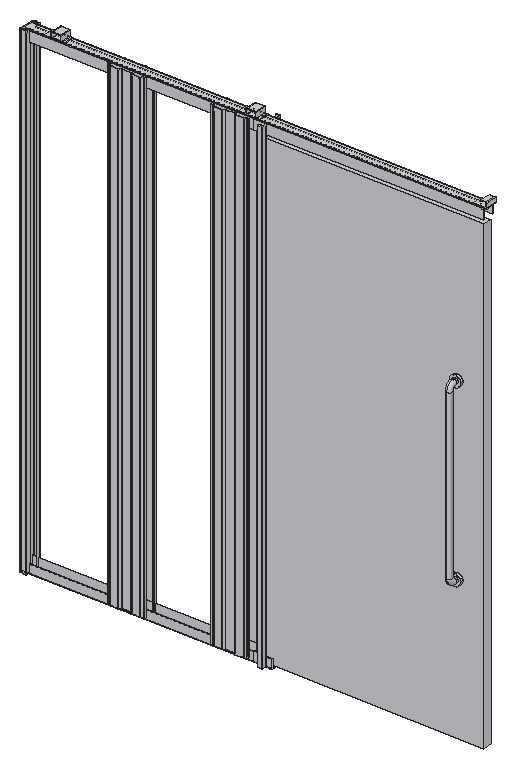
Revit family "BOS-LineaSet_Familie", category Türen, Revit 2017 (continued)
Definition of nested family "BOS-Laufkasten-LineaSet-(One)_Modell"
  Definition of nested family "BOS-Anschraubprofil-LineaSet-(One)_Modell"
    Dimensions and locks
      plane 4 to plane 2 = 28 mm
      "Blechstärke": plane 7 to plane 2
      aligned and locked: level to plane 2
      aligned and locked: plane 3 to Sweep 1 sketch curve
      aligned and locked: plane 6 to Sweep 1 sketch curve
      aligned and locked: plane 1 to Sweep 1 sketch curve
      aligned and locked: plane 3 to Sweep 2 sketch curve
      aligned and locked: plane 7 to Sweep 2 sketch curve
      aligned and locked: plane 4 to Sweep 2 sketch curve
    Automatic sketch dimensions
      Sweep 1 sketch curve to Sweep 1 sketch curve = 0 mm  (x8)
      Sweep 1 sketch curve to level = 0 mm
      Sweep 1 sketch curve to level = 33 mm
      profile plane to Sweep 1 sketch curve = 45.25 mm
      Sweep 1 sketch curve to Sweep 1 sketch curve = 15.75 mm  (x2)
      Sweep 1 sketch curve to Sweep 1 sketch curve = 1 mm  (x2)
      Sweep 1 sketch curve to level = 1 mm
      Sweep 1 sketch curve to Sweep 1 sketch curve = 1.5 mm
      Sweep 1 sketch curve to profile plane = 26 mm
      Sweep 1 sketch curve to profile plane = 27 mm
      Sweep 1 sketch curve to Sweep 1 sketch curve = 33.5 mm
      Sweep 2 sketch curve to Sweep 2 sketch curve = 0 mm  (x9)
      plane 1 to Sweep 2 sketch curve = 0.5 mm  (x2)
      profile plane to Sweep 2 sketch curve = 37.5 mm  (x2)
      Sweep 2 sketch curve to Sweep 2 sketch curve = 1.5 mm  (x2)
      Sweep 2 sketch curve to Sweep 2 sketch curve = 1 mm  (x3)
      Sweep 2 sketch curve to profile plane = 35 mm  (x2)
      Sweep 2 sketch curve to plane 1 = 27 mm  (x2)
      Sweep 2 sketch curve to Sweep 2 sketch curve = 49 mm  (x2)
      Sweep 2 sketch curve to Sweep 2 sketch curve = 27.5 mm
Definition of nested family "BOS-Führungszapfen-Holz-Glas_Model"
  Parameters (values of type "BOS-Führungszapfen-Holz-Glas_Model")
    Länge = 33 mm
    URL = "www.BestOfSteel.de"
    Rechtliche Hinweise = "www.BestOfSteel.de/tools-downloads/bim-building-information-modeling/"
    Material - Führungszapfen = none
    Holztürblatt = yes
    Manufacturer = "BOS GmbH Best Of Steel, Lütkenfelde 4, D-48282 Emsdetten"
    Glastürblatt = no
    Breite für Holztürblatt = 22 mm
    Breite für Glastürblatt = 21.5 mm
    Description = "Führungszapfen für Holz- oder Glastürblatt"
    Keynote = "BOS Modell"
    BOS-Architekten-Beratung = "Tel.: +49 (0) 2572 203-203, Fax -209; E-Mail: architekten@BestOfSteel.de"
    Technische Infos rund um die Stahlzargen = "www.BestOfSteel.de/tools-downloads/technische-infos-rund-um-die-stahlzarge/"
  Reference planes
    plane 1: y = -116.677
    plane 2: z = 0
    plane 3: x = 500.166
    plane 4: y = -127.677
    plane 5: x = 483.666
    plane 6: x = 516.666
    plane 7: y = -105.677
    plane 8: y = -127.427
    plane 9: y = -105.927
  Forms (mm)
    Extrusion 1, solid, material <- "Material - Führungszapfen", visible <- "Holztürblatt"
      sketch origin (500.166, -5.294, -2.968) x (0, 1, 0) y (0, 0, 1)
        loop
          line (-122.383, 2.968) -> (-100.383, 2.968) -> (-100.383, 7.668) -> (-108.633, 8.438) -> (-108.883, 21.968) -> (-113.883, 21.968) -> (-114.133, 8.438) -> (-122.383, 7.618) -> (-122.383, 2.968)
      from -16.5 to 16.5
    Extrusion 2, solid, material <- "Material - Führungszapfen", visible <- "Glastürblatt"
      sketch origin (500.166, -47.893, -6.394) x (0, 1, 0) y (0, 0, 1)
        loop
          line (-60.784, 10.894) -> (-62.284, 22.894) -> (-64.284, 22.894) -> (-64.284, 18.394) -> (-62.784, 18.394) -> (-62.284, 10.894) -> (-75.284, 10.894) -> (-74.784, 18.394) -> (-73.284, 18.394) -> (-73.284, 22.894) -> (-75.284, 22.894) -> (-76.784, 10.894) -> (-79.534, 10.894) -> (-79.534, 6.394) -> (-58.034, 6.394) -> (-58.034, 10.894) -> (-60.784, 10.894)
      from -16.5 to 16.5
  Dimensions and locks
    Extrusion 1 sketch curve to Extrusion 1 sketch curve = 5.5 mm
    Extrusion 1 sketch curve to Extrusion 1 sketch curve = 8.25 mm  (x2)
    "Länge": plane 5 to plane 6
    equal spacing: plane 5, plane 3, plane 6
    equal spacing: plane 7, plane 1, plane 4
    "Breite für Holztürblatt": plane 7 to plane 4
    "Breite für Glastürblatt": plane 9 to plane 8
    equal spacing: plane 9, plane 1, plane 8
    Extrusion 2 sketch curve to Extrusion 2 sketch curve = 6.25 mm  (x2)
    aligned and locked: level to plane 2
    aligned and locked: Extrusion 1 to plane 4
    aligned and locked: Extrusion 2 to plane 5
    aligned and locked: plane 6 to Extrusion 2
    aligned and locked: plane 9 to Extrusion 2 sketch curve
    aligned and locked: Extrusion 2 sketch curve to plane 2
    aligned and locked: Extrusion 2 sketch curve to plane 8
  Automatic sketch dimensions
    level to Extrusion 1 sketch curve = 0 mm
    level to Extrusion 1 sketch curve = 4.65 mm
    plane 1 to Extrusion 1 sketch curve = 11 mm
    level to Extrusion 1 sketch curve = 5.47 mm  (x2)
    Extrusion 1 sketch curve to Extrusion 1 sketch curve = 0.25 mm
    Extrusion 1 sketch curve to Extrusion 1 sketch curve = 5 mm
    level to Extrusion 1 sketch curve = 4.7 mm
    Extrusion 1 sketch curve to Extrusion 1 sketch curve = 13.53 mm
    level to Extrusion 2 sketch curve = 4.5 mm  (x2)
    Extrusion 2 sketch curve to Extrusion 2 sketch curve = 2.75 mm
    Extrusion 2 sketch curve to Extrusion 2 sketch curve = 2 mm  (x2)
    Extrusion 2 sketch curve to Extrusion 2 sketch curve = 1.5 mm  (x4)
    level to Extrusion 2 sketch curve = 12 mm
    Extrusion 2 sketch curve to Extrusion 2 sketch curve = 0 mm
    Extrusion 2 sketch curve to Extrusion 2 sketch curve = 7.5 mm
    Extrusion 2 sketch curve to Extrusion 2 sketch curve = 4.5 mm  (x2)
    Extrusion 2 sketch curve to Extrusion 2 sketch curve = 0.5 mm
Definition of nested family "BOS-Türblatt-Schiebetürzargen_Modell"
  Parameters (values of type "BOS-Türblatt-Schiebetürzargen_Modell")
    URL = "www.BestOfSteel.de"
    Türblattreferenz = 945 mm
    Technische Infos rund um die Stahlzarge = "www.BestOfSteel.de/tools-downloads/technische-infos-rund-um-die-stahlzarge/"
    Stoßgrifflänge = 800 mm
    Türgriffabstand = 120 mm
    Stoßgriffdurchmesser = 24 mm
    Muschelgriffüberstand = if(Holztürblatt, 1.5 mm, 9 mm)  # 1.5 mm
    Muschelgrifftiefe = if(Holztürblatt, 10 mm, Türblattstärke / 2)  # 10 mm
    Griffposition = if(DIN links, Türgriffabstand, TAB Türblatt Außenmaß Breite - Türgriffabstand)  # 865 mm
    Führungsnuttiefe = if(Holztürblatt, 18 mm, 0 mm)  # 18 mm
    Stoßgriffe = yes
    Türblattversatz = 0 mm
    Türblattstärke = 40 mm
    Türblattabstand unten = 10 mm
    TAH Türblatt Außenmaß Höhe = 2110 mm
    TAB Türblatt Außenmaß Breite = 985 mm
    Muschelgriffe = no
    Rechtliche Hinweise = "www.BestOfSteel.de/tools-downloads/bim-building-information-modeling/"
    Model = ""
    Material - Türgriff = none
    Material - Türblatt = none
    Holztürblatt = yes
    Manufacturer = ""
    Glastürblatt = no
    Führungsnutbreite = 8 mm
    Fräsextrusionsende = if(not(Muschelgriffe), 0 mm, if(Holztürblatt, -10 mm, -Türblattstärke / 2))  # 0 mm
    Fräsextrusionsbeginn = if(not(Muschelgriffe), 1 mm, 0 mm)  # 1 mm
    Drückerhöhe = 1050 mm
    DIN rechts = yes
    DIN links = no
    Description = "Holz- Glastürblatt für Schiebetürzargen"
    Keynote = "BOS Modell"
    BOS-Architekten-Beratung = "Tel.: +49 (0) 2572 203-203, Fax -209; E-Mail: architekten@BestOfSteel.de"
  Reference planes
    plane 1: y = 109
    plane 2: z = 0
    plane 3: x = 31
    plane 4: x = 1016
    plane 5: y = 129
    plane 6: y = 89
    plane 7: z = 10
    plane 8: z = 2120
    plane 9: z = 28
    plane 10: y = 109
    plane 11: y = 109
    plane 12: y = 113
    plane 13: y = 105
    plane 14: z = 1050
    plane 15: x = 896
    plane 16: x = 71
  Forms (mm)
    Extrusion 1, solid, material <- "Material - Türblatt", detail levels medium+fine
      sketch origin (0, 0, 0) x (1, 0, 0) y (0, 1, 0)
        loop
          line (31, 129) -> (31, 89) -> (1016, 89) -> (1016, 129) -> (31, 129)
      from 10 to 2120
    Extrusion 2, void
      sketch origin (31, -12.856, 0) x (0, 1, 0) y (0, 0, 1)
        loop
          line (125.856, 28) -> (117.856, 28) -> (117.856, 0) -> (125.856, 0) -> (125.856, 28)
      from 0 to 985
    Extrusion 3, void
      sketch origin (1569.406, 89, 1200) x (1, 0, 0) y (0, 0, 1)
        loop
          arc (-689.406, -184) -> (-673.406, -200) -> (-657.406, -184) r 16
          line (-657.406, -184) -> (-657.406, -116)
          arc (-657.406, -116) -> (-673.406, -100) -> (-689.406, -116) r 16
          line (-689.406, -116) -> (-689.406, -184)
      from 1 <- "Fräsextrusionsbeginn" to 0 <- "Fräsextrusionsende"
    Extrusion 4, void
      sketch origin (-112.482, 129, 1200) x (-1, 0, 0) y (0, 0, 1)
        loop
          line (-992.482, -184) -> (-992.482, -116)
          arc (-992.482, -116) -> (-1008.482, -100) -> (-1024.482, -116) r 16
          line (-1024.482, -116) -> (-1024.482, -184)
          arc (-1024.482, -184) -> (-1008.482, -200) -> (-992.482, -184) r 16
      from 1 <- "Fräsextrusionsbeginn" to 0 <- "Fräsextrusionsende"
  Cuts and joins
    Extrusion 2, Extrusion 3, Extrusion 4 cuts Extrusion 1
  Dimensions and locks
    "Türblattstärke": plane 5 to plane 6
    "Türblattversatz": plane 10 to plane 1 to plane 11
    "Türblattabstand unten": plane 7 to plane 2
    "TAB Türblatt Außenmaß Breite": plane 3 to plane 4
    "TAH Türblatt Außenmaß Höhe": plane 8 to plane 7
    equal spacing: plane 5, plane 1, plane 6
    "Drückerhöhe": plane 14 to plane 2
    "Griffposition": plane 3 to plane 15
    "Führungsnuttiefe": plane 9 to plane 7
    "Türblattreferenz": plane 16 to plane 4
    aligned and locked: level to plane 2
    aligned and locked: Extrusion 1 sketch curve to plane 4
    aligned and locked: Extrusion 1 sketch curve to plane 5
    aligned and locked: Extrusion 1 sketch curve to plane 6
    aligned and locked: plane 3 to Extrusion 1 sketch curve
    aligned and locked: Extrusion 1 to plane 7
    aligned and locked: Extrusion 1 to plane 8
    aligned and locked: plane 12 to Extrusion 2 sketch curve
    aligned and locked: plane 13 to Extrusion 2 sketch curve
    aligned and locked: Extrusion 2 sketch curve to plane 9
    aligned and locked: plane 2 to Extrusion 2 sketch curve
    aligned and locked: Extrusion 2 to plane 3
    aligned and locked: plane 4 to Extrusion 2
    aligned and locked: nested 1 to plane 14
    aligned and locked: plane 14 to nested 2
    aligned and locked: nested 1 to plane 15
    aligned and locked: plane 15 to nested 2
    aligned and locked: plane 6 to nested 2
    aligned and locked: plane 5 to nested 1
    aligned and locked: Extrusion 3 sketch curve to nested 1  (x2)
    aligned and locked: Extrusion 4 sketch curve to cut or joined group of Extrusion 1, Extrusion 2, Extrusion 3, Extrusion 4  (x2)
    aligned and locked: nested 4 to plane 14
    aligned and locked: plane 14 to nested 3
    aligned and locked: plane 5 to nested 4
    aligned and locked: plane 6 to nested 3
    aligned and locked: nested 4 to plane 15
    aligned and locked: plane 15 to nested 3
  Nested families
    nested 1: "BOS-Muschelgriff_Modell" at (896, 133.91, 1050), visible <- "Muschelgriffe", type "BOS-Muschelgriff_Modell", detail levels fine
    nested 2: "BOS-Muschelgriff_Modell" at (896, 84.09, 1050), visible <- "Muschelgriffe", type "BOS-Muschelgriff_Modell", detail levels fine
    nested 3: "BOS-Stoßgriff_Modell" at (896, 89, 1050), visible <- "Stoßgriffe", type "BOS-Stoßgriff_Modell", detail levels fine
      with Stoßgriffradius 12 mm, Stoßgriffdurchmesser 24 mm
    nested 4: "BOS-Stoßgriff_Modell" at (896, 129, 1050), visible <- "Stoßgriffe", type "BOS-Stoßgriff_Modell", detail levels fine
      with Stoßgriffradius 12 mm, Stoßgriffdurchmesser 24 mm
  Definition of nested family "BOS-Muschelgriff_Modell"
    Parameters (values of type "BOS-Muschelgriff_Modell")
      URL = "www.BestOfSteel.de"
      Rechtliche Hinweise = "www.BestOfSteel.de/tools-downloads/bim-building-information-modeling/"
      Muschelgriffüberstand = 1.5 mm
      Muschelgrifftiefe = 10 mm
      Material - Türgriff = none
      Description = "Muschelgriff"
      Keynote = "BOS Modell"
      BOS-Architekten-Beratung = "Tel.: +49 (0) 2572 203-203, Fax -209; E-Mail: architekten@BestOfSteel.de"
      Allgemeine Informationen zu Stahlzargen = "www.BestOfSteel.de/tools-downloads/technische-infos-rund-um-die-stahlzarge/"
    Reference planes
      plane 1: y = 4.91
      plane 2: z = 0
      plane 3: x = 0
      plane 4: y = 3.41
      plane 5: x = -19
      plane 6: x = 19
      plane 7: y = 12.91
      plane 8: z = 60
      plane 9: z = -60
      plane 10: y = 14.91
    Forms (mm)
      Extrusion 1, solid, material <- "Material - Türgriff"
        sketch origin (0, 4.91, 0) x (1, 0, 0) y (0, 0, 1)
          loop
            line (-19, 41) -> (-19, -41)
            arc (-19, -41) -> (0, -60) -> (19, -41) r 19
            line (19, -41) -> (19, 41)
            arc (19, 41) -> (0, 60) -> (-19, 41) r 19
        from 0 to 1.5
      Extrusion 2, solid, material <- "Material - Türgriff"
        sketch origin (0, 4.91, 0) x (1, 0, 0) y (0, 0, 1)
          loop
            line (-16, 34) -> (-16, -34)
            arc (-16, -34) -> (0, -50) -> (16, -34) r 16
            line (16, -34) -> (16, 34)
            arc (16, 34) -> (0, 50) -> (-16, 34) r 16
        from -10 to 0
      Extrusion 3, void
        sketch origin (0, 4.91, 0) x (1, 0, 0) y (0, 0, 1)
          loop
            line (-13, 34) -> (-13, -34)
            arc (-13, -34) -> (0, -47) -> (13, -34) r 13
            line (13, -34) -> (13, 34)
            arc (13, 34) -> (0, 47) -> (-13, 34) r 13
        from -8 to 1.5
    Cuts and joins
      Extrusion 3 cuts Extrusion 1
      Extrusion 3 cuts Extrusion 2
      joined: Extrusion 1, Extrusion 2
    Dimensions and locks
      equal spacing: plane 5, plane 3, plane 6
      plane 5 to plane 6 = 38 mm
      "Muschelgriffüberstand": plane 4 to plane 1
      plane 10 to plane 7 = 2 mm
      "Muschelgrifftiefe": plane 10 to plane 1
      aligned and locked: plane 7 to cut or joined group of Extrusion 1, Extrusion 2, Extrusion 3
      aligned and locked: cut or joined group of Extrusion 1, Extrusion 2, Extrusion 3 to plane 4
      aligned and locked: plane 4 to cut or joined group of Extrusion 1, Extrusion 2, Extrusion 3  (x2)
      aligned and locked: plane 10 to cut or joined group of Extrusion 1, Extrusion 2, Extrusion 3
    Automatic sketch dimensions
      Extrusion 1 sketch curve to plane 5 = 0 mm
      Extrusion 1 sketch curve to plane 3 = 0 mm
      Extrusion 1 sketch curve to plane 8 = 19 mm
      plane 9 to Extrusion 1 sketch curve = 19 mm
      Extrusion 2 sketch curve to plane 3 = 0 mm
      plane 5 to Extrusion 2 sketch curve = 3 mm
      Extrusion 2 sketch curve to plane 8 = 26 mm
      plane 9 to Extrusion 2 sketch curve = 26 mm
      Extrusion 3 sketch curve to plane 3 = 0 mm
      plane 5 to Extrusion 3 sketch curve = 6 mm
      Extrusion 3 sketch curve to plane 8 = 26 mm
      plane 9 to Extrusion 3 sketch curve = 26 mm
  Definition of nested family "BOS-Stoßgriff_Modell"
    Parameters (values of type "BOS-Stoßgriff_Modell")
      URL = "www.BestOfSteel.de"
      Stoßgrifflänge = 800 mm
      Stoßgriffradius = Stoßgriffdurchmesser / 2  # 9 mm
      Stoßgriffdurchmesser = 18 mm
      Rechtliche Hinweise = "www.BestOfSteel.de/tools-downloads/bim-building-information-modeling/"
      Model = ""
      Material - Türgriff = none
      Description = "Stoßgriff"
      Keynote = "BOS Modell"
      BOS-Architekten-Beratung = "Tel.: +49 (0) 2572 203-203, Fax -209; E-Mail: architekten@BestOfSteel.de"
      Allgemeine Informationen zu Stahlzargen = "www.BestOfSteel.de/tools-downloads/technische-infos-rund-um-die-stahlzarge/"
    Reference planes
      plane 1: y = 0
      plane 2: z = 0
      plane 3: x = 0
      plane 4: z = 400
      plane 5: z = -400
      plane 6: y = -45.5
    Forms (mm)
      Sweep 1, solid, material <- "Material - Türgriff"
        path origin (0, 0, 0) x (0, 1, 0) y (0, 0, 1)
          loop
            line (-10, 400) -> (-20.5, 400)
            arc (-20.5, 400) -> (-38.178, 392.678) -> (-45.5, 375) r 25
            line (-45.5, 375) -> (-45.5, -375)
            arc (-45.5, -375) -> (-38.178, -392.678) -> (-20.5, -400) r 25
            line (-20.5, -400) -> (-10, -400)
        profile origin (0, -15.25, 400) x (0, 0, -1) y (1, 0, 0)
          loop
            circle (0, 0) r 9
      Extrusion 2, solid, material <- "Material - Türgriff"
        sketch origin (0, 0, 0) x (1, 0, 0) y (0, 0, 1)
          loop
            circle (0, 400) r 25
          loop
            circle (0, -400) r 25
        from 0 to 10
    Cuts and joins
      joined: Sweep 1, Extrusion 2
    Dimensions and locks
      equal spacing: plane 4, plane 2, plane 5
      "Stoßgrifflänge": plane 4 to plane 5
      locked: plane 6 to plane 1 at 45.5
      "Stoßgriffradius": radius of Sweep 1 sketch curve
      aligned and locked: Sweep 1 sketch curve to plane 6
      aligned and locked: Sweep 1 sketch curve to plane 5
      aligned and locked: Sweep 1 sketch curve to plane 4
    Automatic sketch dimensions
      Extrusion 2 sketch curve to plane 3 = 0 mm  (x2)
      Extrusion 2 sketch curve to plane 5 = 0 mm
      Extrusion 2 sketch curve to plane 4 = 0 mm
      Sweep 1 sketch curve to Sweep 1 sketch curve = 10.5 mm
      plane 1 to Sweep 1 sketch curve = 20.5 mm  (x2)
      plane 1 to Sweep 1 sketch curve = 10 mm
      Sweep 1 sketch curve to plane 3 = 0 mm
      Sweep 1 sketch curve to profile plane = 0 mm
      radius of Extrusion 2 sketch curve = 25 mm  (x2)
Definition of nested family "BOS-BOS_Modell"
  Parameters (values of type "BOS-BOS_Modell")
    Abstand = 22 mm
  Reference planes
    plane 1: y = -0.827
    plane 2: z = 0
    plane 3: x = 0
    plane 4: x = -22
    plane 5: y = 1.673
    plane 6: y = -3.327
  Dimensions and locks
    "Abstand": plane 4 to plane 3
    plane 5 to plane 6 = 5 mm
    equal spacing: plane 5, plane 1, plane 6
    aligned and locked: level to plane 2
    aligned and locked: plane 1 to text3d elem
    aligned and locked: text3d elem to level
Definition of nested family "BOS-Logo_Modell"
  Parameters (values of type "BOS-Logo_Modell")
    URL = "www.BestOfSteel.de"
    Rechtliche Hinweise = "www.BestOfSteel.de/tools-downloads/bim-building-information-modeling/"
    Description = "BOS Logo"
    Keynote = "BOS Logo"
    BOS-Architekten-Beratung = "Tel.: +49 (0) 2572 203-203; E-Mail: architekten@BestOfSteel.de"
    Technische Infos rund um die Stahlzarge = "www.BestOfSteel.de/tools-downloads/technische-infos-rund-um-die-stahlzarge/"
    Abstand vertikal = 10 mm
    Abstand horizontal = 15 mm
  Reference planes
    plane 1: y = 0
    plane 2: z = 0
    plane 3: x = 0
    plane 4: x = -7
    plane 5: x = 7
    plane 6: y = 8.299
    plane 7: x = 15
    plane 8: y = 4.15
    plane 9: x = -15
    plane 10: y = 14.15
    plane 11: y = -5.85
  Dimensions and locks
    plane 4 to plane 3 to plane 5 = 7 mm, 7 mm
    "Abstand vertikal": plane 11 to plane 8 to plane 10
    plane 6 to plane 8 to plane 1 = 4.15 mm, 4.15 mm
    "Abstand horizontal": plane 9 to plane 3
    "Abstand horizontal": plane 3 to plane 7
    aligned and locked: level to plane 2
Definition of nested family "BOS-Info-Texte_Beschriftung"
  Parameters (values of type "Drehpunkt Warnung")
    Unten = no
    Schwarz = yes
    Rot = no
    Oben = yes
    Info-Text En unten = "Kein Text"
    Info-Text De unten = "Kein Text"
    Info-Text En oben = "The actual pivot point of the door leaf\r\nmay differ from the one illustrated!"
    Englisch unten rot = and(and(Unten, Englisch), Rot)  # no
    Englisch unten schwarz = and(and(Unten, Englisch), Schwarz)  # no
    Englisch oben rot = and(and(Oben, Englisch), Rot)  # no
    Englisch oben schwarz = and(and(Oben, Englisch), Schwarz)  # no
    Info-Text De oben = "Der tatsächliche Drehpunkt des Türblattes\r\nkann von der Darstellung abweichen!"
    Warndreieck = no
    Fehlerkreis = no
    Englisch = no
    Deutsch unten rot = and(and(Unten, Deutsch), Rot)  # no
    Deutsch unten schwarz = and(and(Unten, Deutsch), Schwarz)  # no
    Deutsch oben rot = and(and(Oben, Deutsch), Rot)  # no
    Deutsch oben schwarz = and(and(Oben, Deutsch), Schwarz)  # yes
    Deutsch = not(Englisch)  # yes
    Ausrufezeichen = "!"
  Types (12, lengths in mm): name | Unten | Schwarz | Rot | Oben | Info-Text En unten | Info-Text De unten | Info-Text En oben | Info-Text De oben | Warndreieck | Fehlerkreis | Deutsch unten schwarz | Deutsch oben rot | Deutsch oben schwarz
    Rechtliche Hinweise | no | yes | no | yes | "Kein Text" | "Kein Text" | "In accordance with the protection note according to DIN 34, the ownership and copyrights are reserved!\r\n© 2016 BOS GmbH, Emsdetten, Germany -\r\nObserve the ISO 16016 protective label (see ID data)!\r\n\r\nSubject to technical change!" | "Entsprechend dem Schutzvermerk nach DIN 34 behalten wir uns Eigentum und Urheberrecht vor!\r\n© 2016 BOS GmbH, Emsdetten, Deutschland -\r\nSchutzvermerk ISO 16016 beachten (siehe ID-Daten)!\r\n\r\nTechnische Änderungen vorbehalten!" | no | no | no | no | yes
    Maulweite Fehlermeldung | no | yes | no | yes | "Kein Text" | "Kein Text" | "Check the wall thickness!" | "Wandstärke prüfen!" | no | yes | no | no | yes
    Verstellbereich | no | yes | no | yes | "Kein Text" | "Kein Text" | "Adjustment area from -5 to +15mm,\r\nother adjustment areas possible" | "Verstellbereich von -5 bis +15mm\r\nanderer Verstellbereich möglich" | no | no | no | no | yes
    Verstellbereich wSvdW | no | yes | no | yes | "Kein Text" | "Kein Text" | "Adjustment area in the soffit from -2 to +15mm,\r\nother adjustment areas possible" | "Verstellbereich in der Zargenleibung von -2 bis +15mm\r\nanderer Verstellbereich möglich" | no | no | no | no | yes
    Wandartauswahl 15Nz15Z | no | yes | no | yes | "Kein Text" | "Kein Text" | "Attention for stud walls: underlay from site required!\r\nFor DIN door leaves, select larger structural wall measurements.\r\nFor selection \"stud walls\":\r\nsee 'Features' (remove tick for brick walls)" | "Achtung bei Ständerwerk: bauseitige Unterfütterung erforderlich!\r\nBei DIN-Türblatt Rohbaumaße größer wählen.\r\nFür Auswahl \"Ständerwerk\": \r\nsiehe 'Eigenschaften' (Häkchen entfernen bei Mauerwerk)." | no | no | no | no | yes
    Technische Hinweise | no | yes | no | yes | "Kein Text" | "Kein Text" | "Due to manufacturing reasons this Revit family may not be changed\r\nwithout consulting BOS!\r\n\r\nDo not mirror frames (door list)!\r\nsee ‘Features’: DIN left / DIN right\r\n\r\nThe solid and stud walls or, for example, their profiles,\r\nmust be designed so that they can reliably and sustainably\r\nabsorb the static and dynamic forces resulting\r\nfrom the load on the door element used." | "Diese Revit-Familie darf aus fertigungstechnischen Gründen\r\nnicht ohne Rücksprache mit BOS abgeändert werden!\r\n\r\nZargen nicht spiegeln (Türliste)!\r\nsiehe 'Eigenschaften': DIN links / DIN rechts\r\n\r\nDie Massiv- und Ständerwerkswände bzw. deren Profile\r\nmüssen so ausgebildet sein, dass sie die statischen\r\nund dynamischen Kräfte, welche sich aus der Belastung\r\nder verwendeten Türelements ergeben, zuverlässig\r\nund nachhaltig aufnehmen können." | no | no | no | no | yes
    Drückerhöhe Warnung | yes | yes | no | no | "Please take the handle depth/height and/or DIN opening direction into account" | "Drückertiefen/-höhen und/oder DIN Richtungen beachten/anpassen!" | "Kein Text" | "Kein Text" | yes | no | yes | no | no
    Maulweite-Dehnungsfuge Fehlermeldung | no | yes | no | yes | "Kein Text" | "Kein Text" | "Check the wall thickness and/or expansion joint!" | "Wandstärke und/oder Dehnungsfuge prüfen!" | no | yes | no | no | yes
    Technische Hinweise Norm | no | yes | no | yes | "Kein Text" | "Kein Text" | "Due to manufacturing reasons this Revit family may not be changed\r\nwithout consulting BOS!\r\n\r\nThe solid and stud walls or, for example, their profiles,\r\nmust be designed so that they can reliably and sustainably\r\nabsorb the static and dynamic forces resulting\r\nfrom the load on the door element used." | "Diese Revit-Familie darf aus fertigungstechnischen Gründen\r\nnicht ohne Rücksprache mit BOS abgeändert werden!\r\n\r\nDie Massiv- und Ständerwerkswände bzw. deren Profile\r\nmüssen so ausgebildet sein, dass sie die statischen\r\nund dynamischen Kräfte, welche sich aus der Belastung\r\nder verwendeten Türelements ergeben, zuverlässig\r\nund nachhaltig aufnehmen können." | no | no | no | no | yes
    Maßauswahl | no | no | yes | yes | "Kein Text" | "Kein Text" | "To choose  Rebate Width/Height Measurement, Receiving Opening\r\nsee 'Features'" | "Auswahl von FMB, FMH, MW\r\nunter 'Eigenschaften'" | no | no | no | yes | no
    Rohbaumaß Warnung | no | yes | no | yes | "Kein Text" | "Kein Text" | "For DIN door leaves, select larger structural wall measurements!\r\nWhen changing the architrave widths, the structural measurements change accordingly." | "Bei DIN-Türblatt Rohbaumaße größer wählen!\r\nBei Änderung der Spiegelbreiten, Rohbaumaße beachten." | no | no | no | no | yes
    Drehpunkt Warnung | no | yes | no | yes | "Kein Text" | "Kein Text" | "The actual pivot point of the door leaf\r\nmay differ from the one illustrated!" | "Der tatsächliche Drehpunkt des Türblattes\r\nkann von der Darstellung abweichen!" | no | no | no | no | yes
  Reference planes
    plane 1: y = 0.955
    plane 2: x = 0
  Lines and regions (mm)
    Filled region 1, type "Gefüllter Bereich Gelb", visible <- "Warndreieck"
      outline origin (-7.188, 1.747, 0) x (1, 0, 0) y (0, 1, 0)
        loop
          line (5.951, -3.033) -> (8.413, -3.033) -> (7.182, -0.9) -> (5.951, -3.033)
    Filled region 2, type "Gefüllter Bereich Rot", visible <- "Fehlerkreis"
      outline origin (0, -3.763, 0) x (1, 0, 0) y (0, 1, 0)
        loop
          circle (0, 3.1) r 1.5
        loop
          line (-0.937, 3.486) -> (-0.937, 2.686) -> (1.023, 2.686) -> (1.023, 3.486) -> (-0.937, 3.486)
    Filled region 3, type "Gefüllter Bereich Weiss", visible <- "Fehlerkreis"
      outline origin (-7.014, -2.062, 0) x (1, 0, 0) y (0, 1, 0)
        loop
          line (6.077, 1.785) -> (6.077, 0.985) -> (8.038, 0.985) -> (8.038, 1.785) -> (6.077, 1.785)
  Text (mm)
    label "Info-Text De oben schwarz" at (0.065, 1.415, 0), shows "Info-Text De oben", visible <- "Deutsch oben schwarz"
    label "!" at (0.065, -0.414, 0), shows "Ausrufezeichen", visible <- "Warndreieck"
    label "Info-Text En oben schwarz" at (0.065, 1.415, 0), shows "Info-Text En oben", visible <- "Englisch oben schwarz"
    label "Info-Text De unten schwarz" at (0.218, -2.468, 0), shows "Info-Text De unten", visible <- "Deutsch unten schwarz"
    label "Info-Text En unten schwarz" at (0.065, -2.419, 0), shows "Info-Text En unten", visible <- "Englisch unten schwarz"
    label "Info-Text En oben rot" at (0.065, 1.415, 0), shows "Info-Text En oben", visible <- "Englisch oben rot"
    label "Info-Text En unten rot" at (0.065, -2.419, 0), shows "Info-Text En unten", visible <- "Englisch unten rot"
    label "Info-Text De unten rot" at (0.065, -2.419, 0), shows "Info-Text De unten", visible <- "Deutsch unten rot"
    label "Info-Text De oben rot" at (-0.371, 1.396, 0), shows "Info-Text De oben", visible <- "Deutsch oben rot"
Definition of nested family "BOS-Beplankung-LineaSet-(One)_Detail"
  Parameters (values of type "BOS-Beplankung-LineaSet-(One)_Detail")
    Zweifache Beplankung = MW Maulweite = 125 mm  # yes
    URL = "www.BestOfSteel.de"
    Theoretisches Rohbaumaß Breite = 2084.5 mm
    Rechtliche Hinweise = "www.BestOfSteel.de/tools-downloads/bim-building-information-modeling/"
    MW Maulweite = 125 mm
    LDB Lichte Durchgangs Breite = 936 mm
    Dreifache Beplankung = MW Maulweite = 150 mm  # no
    BOS-Architekten-Beratung = "Tel.: +49 (0) 2572 203-203; E-Mail: architekten@BestOfSteel.de"
    Technische Infos rund um die Stahlzarge = "www.BestOfSteel.de/tools-downloads/technische-infos-rund-um-die-stahlzarge/"
    Manufacturer = "BOS GmbH Best Of Steel, Lütkenfelde 4, D-48282 Emsdetten"
    Description = "Beplankung für LineaSet (One)"
    Keynote = "BOS Detail"
    Abstand = if(Zweifache Beplankung, 20 mm, 0 mm)  # 20 mm
  Reference planes
    plane 1: y = 0
    plane 2: z = 0
    plane 3: x = 27.5
    plane 4: y = 125
    plane 5: x = -440.5
    plane 6: x = 495.5
    plane 7: x = 520.5
    plane 8: x = 570.5
    plane 9: x = -1564
    plane 10: x = 508
    plane 11: y = 89.5
    plane 12: y = 35.5
    plane 13: y = 62.5
    plane 14: y = 25
    plane 15: y = 100
    plane 16: x = -1614
    plane 17: y = 112.5
    plane 18: y = 12.5
    plane 19: x = -465.5
    plane 20: x = -453
    plane 21: x = -485.5
    plane 22: y = 87.5
    plane 23: y = 37.5
    plane 24: x = -590.5
    plane 25: x = 565.5
    plane 26: x = -1634
    plane 27: x = 590.5
    plane 28: y = 100
    plane 29: y = 25
    plane 30: x = -485.5
  Lines and regions (mm)
    detail lines, in view "Ref.-Ebene"
      curve 1: line (-1614, 100, 0) -> (-1569, 100, 0)
      curve 2: line (-1564, 95, 0) -> (-1564, 30, 0)
      curve 3: line (-1614, 27, 0) -> (-1569, 27, 0)
      curve 4: line (-1566, 30, 0) -> (-1566, 95, 0)
      curve 5: line (-1569, 98, 0) -> (-1614, 98, 0)
      curve 6: line (-1614, 98, 0) -> (-1614, 100, 0)
      curve 7: arc (-1569, 98, 0) -> (-1566.879, 97.121, 0) -> (-1566, 95, 0) r 3
      curve 8: arc (-1569, 27, 0) -> (-1566.879, 27.879, 0) -> (-1566, 30, 0) r 3
      curve 9: arc (-1569, 100, 0) -> (-1565.464, 98.536, 0) -> (-1564, 95, 0) r 5
      curve 10: arc (-1569, 25, 0) -> (-1565.464, 26.464, 0) -> (-1564, 30, 0) r 5
      curve 11: line (-1635.5, 125, 0) -> (-440.5, 125, 0)
      curve 12: line (-440.5, 125, 0) -> (-440.5, 89.5, 0)
      curve 13: line (-1634, 0, 0) -> (-440.5, 0, 0)
      curve 14: line (-440.5, 0, 0) -> (-440.5, 35.5, 0)
      curve 15: line (590.5, 125, 0) -> (495.5, 125, 0)
      curve 16: line (495.5, 125, 0) -> (495.5, 89.5, 0)
      curve 17: line (495.5, 89.5, 0) -> (508, 89.5, 0)
      curve 18: line (508, 35.5, 0) -> (495.5, 35.5, 0)
      curve 19: line (495.5, 35.5, 0) -> (495.5, 0, 0)
      curve 20: line (495.5, 0, 0) -> (590.5, 0, 0)
      curve 21: line (570.5, 25, 0) -> (525.5, 25, 0)
      curve 22: line (-440.5, 89.5, 0) -> (-465.5, 89.5, 0)
      curve 23: line (-465.5, 89.5, 0) -> (-465.5, 112.5, 0)
      curve 24: line (-440.5, 35.5, 0) -> (-465.5, 35.5, 0)
      curve 25: line (-465.5, 35.5, 0) -> (-465.5, 12.5, 0)
      curve 26: line (-453, 12.5, 0) -> (-1634, 12.5, 0)
      curve 27: line (-1634, 112.5, 0) -> (-453, 112.5, 0)
      curve 28: line (-453, 112.5, 0) -> (-453, 100, 0)
      curve 29: line (-453, 12.5, 0) -> (-453, 25, 0)
      curve 30: line (520.5, 30, 0) -> (520.5, 95, 0)
      curve 31: line (525.5, 100, 0) -> (570.5, 100, 0)
      curve 32: line (570.5, 100, 0) -> (570.5, 98, 0)
      curve 33: line (570.5, 98, 0) -> (525.5, 98, 0)
      curve 34: line (522.5, 95, 0) -> (522.5, 30, 0)
      curve 35: line (525.5, 27, 0) -> (570.5, 27, 0)
      curve 36: line (570.5, 27, 0) -> (570.5, 25, 0)
      curve 37: arc (520.5, 30, 0) -> (521.964, 26.464, 0) -> (525.5, 25, 0) r 5
      curve 38: arc (520.5, 95, 0) -> (521.964, 98.536, 0) -> (525.5, 100, 0) r 5
      curve 39: arc (522.5, 95, 0) -> (523.379, 97.121, 0) -> (525.5, 98, 0) r 3
      curve 40: arc (522.5, 30, 0) -> (523.379, 27.879, 0) -> (525.5, 27, 0) r 3
      curve 41: line (508, 112.5, 0) -> (508, 12.5, 0)
      curve 42: line (520.5, 112.5, 0) -> (520.5, 12.5, 0)
      curve 43: line (508, 12.5, 0) -> (590.5, 12.5, 0)
      curve 44: line (508, 112.5, 0) -> (590.5, 112.5, 0)
      curve 45: line (520.5, 25, 0) -> (590.5, 25, 0)
      curve 46: line (520.5, 100, 0) -> (590.5, 100, 0)
      curve 51: line (-590.5, 125, 0) -> (-590.5, 112.5, 0)
      curve 52: line (-590.5, 0, 0) -> (-590.5, 12.5, 0)
      curve 53: line (565.5, 125, 0) -> (565.5, 112.5, 0)
      curve 54: line (565.5, 0, 0) -> (565.5, 12.5, 0)
      curve 55: line (-1634, 100, 0) -> (-485.5, 100, 0)
      curve 56: line (-1614, 25, 0) -> (-1569, 25, 0)
      curve 57: line (-1614, 25, 0) -> (-1614, 27, 0)
      curve 58: line (-485.5, 25, 0) -> (-1634, 25, 0)
      curve 59: line (-1564, 25, 0) -> (-1564, 100, 0)
      curve 60: line (-485.5, 100, 0) -> (-485.5, 112.5, 0)
      curve 61: line (-485.5, 25, 0) -> (-485.5, 12.5, 0)
    detail lines, in view "Ref.-Ebene", visible <- "Dreifache Beplankung"
      curve 47: line (-485.5, 100, 0) -> (-485.5, 87.5, 0)
      curve 48: line (-485.5, 37.5, 0) -> (-485.5, 25, 0)
      curve 49: line (-485.5, 87.5, 0) -> (-1564, 87.5, 0)
      curve 50: line (-1564, 37.5, 0) -> (-485.5, 37.5, 0)
  Dimensions and locks
    equal spacing: plane 5, plane 3, plane 6
    "LDB Lichte Durchgangs Breite": plane 5 to plane 6
    "MW Maulweite": plane 4 to plane 1
    plane 7 to plane 8 = 50 mm
    plane 11 to plane 12 = 54 mm
    equal spacing: plane 1, plane 13, plane 4
    equal spacing: plane 11, plane 13, plane 12
    "Theoretisches Rohbaumaß Breite": plane 9 to plane 7
    plane 4 to plane 17 = 12.5 mm
    plane 19 to plane 20 = 12.5 mm
    plane 20 to plane 5 = 12.5 mm
    plane 15 to plane 17 = 12.5 mm
    plane 1 to plane 18 = 12.5 mm
    plane 14 to plane 18 = 12.5 mm
    plane 24 to plane 5 = 150 mm
    plane 6 to plane 10 to plane 7 = 12.5 mm, 12.5 mm
    plane 6 to plane 25 = 70 mm
    plane 14 to plane 23 = 12.5 mm
    plane 22 to plane 15 = 12.5 mm
    plane 26 to plane 16 = 20 mm
    plane 16 to plane 9 = 50 mm
    plane 8 to plane 27 = 20 mm
    plane 28 to plane 11 = 10.5 mm
    plane 12 to plane 29 = 10.5 mm
    plane 21 to plane 19 = 20 mm
    "Abstand": plane 30 to plane 19
    aligned and locked: plane 28 to curve 28
    aligned and locked: plane 29 to curve 29
    aligned and locked: plane 30 to curve 61
    aligned and locked: curve 60 to plane 30
  Automatic sketch dimensions
    curve 7 to curve 9 = 0 mm  (x2)
    curve 8 to curve 10 = 0 mm  (x2)
    curve 37 to curve 40 = 0 mm  (x2)
    curve 38 to curve 39 = 0 mm  (x2)
    curve 11 to plane 4 = 0 mm
    plane 17 to curve 27 = 0 mm
    curve 27 to plane 26 = 0 mm
    curve 55 to plane 15 = 0 mm
    curve 55 to plane 26 = 0 mm
    plane 1 to curve 13 = 0 mm
    curve 13 to plane 26 = 0 mm
    curve 58 to plane 14 = 0 mm
    curve 58 to plane 26 = 0 mm
    curve 26 to plane 18 = 0 mm
    curve 26 to plane 26 = 0 mm
    curve 57 to plane 16 = 0 mm
    curve 5 to plane 16 = 0 mm
    curve 1 to plane 15 = 0 mm
    curve 56 to plane 14 = 0 mm
    curve 59 to plane 9 = 0 mm
    curve 49 to plane 9 = 0 mm
    curve 51 to plane 24 = 0 mm
    curve 52 to plane 24 = 0 mm
    curve 50 to plane 21 = 0 mm
    curve 47 to plane 21 = 0 mm
    curve 22 to plane 11 = 0 mm
    curve 22 to plane 19 = 0 mm
    curve 25 to plane 19 = 0 mm
    curve 29 to plane 20 = 0 mm
    curve 28 to plane 20 = 0 mm
    curve 14 to plane 5 = 0 mm
    curve 12 to plane 5 = 0 mm
    curve 15 to plane 4 = 0 mm
    curve 15 to plane 6 = 0 mm
    curve 18 to plane 6 = 0 mm
    curve 17 to plane 10 = 0 mm
    curve 37 to plane 7 = 0 mm
    curve 30 to plane 7 = 0 mm
    curve 38 to plane 15 = 0 mm
    curve 31 to plane 15 = 0 mm
    curve 21 to plane 14 = 0 mm
    curve 37 to plane 14 = 0 mm
    plane 17 to curve 53 = 0 mm
    curve 53 to plane 25 = 0 mm
    plane 1 to curve 54 = 0 mm
    curve 54 to plane 25 = 0 mm
    curve 36 to plane 8 = 0 mm
    curve 32 to plane 8 = 0 mm
    curve 20 to plane 27 = 0 mm
    curve 45 to plane 27 = 0 mm
    curve 44 to plane 27 = 0 mm
    curve 43 to plane 18 = 0 mm
    curve 43 to plane 27 = 0 mm
    curve 46 to plane 27 = 0 mm
    curve 15 to plane 27 = 0 mm
    curve 18 to plane 12 = 0 mm
    curve 14 to plane 12 = 0 mm
    plane 23 to curve 50 = 0 mm
    plane 22 to curve 49 = 0 mm
    curve 17 to plane 11 = 0 mm
    plane 14 to curve 3 = 2 mm
    curve 3 to curve 4 = 3 mm
    curve 7 to curve 4 = 3 mm
    curve 37 to curve 34 = 2 mm
    curve 34 to curve 40 = 3 mm
    curve 34 to curve 38 = 3 mm
    curve 11 to plane 26 = 1.5 mm
    curve 1 to curve 9 = 0 mm
    curve 56 to curve 10 = 0 mm
    curve 31 to curve 38 = 0 mm
    curve 21 to curve 37 = 0 mm
    curve 30 to curve 37 = 0 mm
    curve 2 to curve 10 = 0 mm
    curve 2 to curve 9 = 0 mm
    curve 30 to curve 38 = 0 mm
Types (4, lengths in mm): name | Material - Türblatt | Bürstendichtung | Beplankungsstärke | ALU 100 BOS | ALU 80 BOS | LineaSet mit ALU 80 BOS Holz | LineaSet mit ALU 80 BOS Glas | LineaSet mit ALU 100 BOS Holz | Wandstärke   Wall Thickness | Holztürblatt | Glastürblatt | Türblattstärke | LineaSet mit ALU 100 BOS Glas | Modell | MW Maulweite   Receiving Opening
  LineaSet mit ALU 80 BOS Holz | none | no | 37.5 | no | yes | yes | no | no | 150 | yes | no | 40 | no | "LineaSet mit ALU 80 BOS Holz" | 150
  LineaSet mit ALU 100 BOS Holz | none | no | 25 | yes | no | no | no | yes | 125 | yes | no | 40 | no | "LineaSet mit ALU 100 BOS Holz" | 125
  LineaSet mit ALU 100 BOS Glas | Glas | yes | 25 | yes | no | no | no | no | 125 | no | yes | 8 | yes | "LineaSet mit ALU 100 BOS Glas" | 125
  LineaSet mit ALU 80 BOS Glas | Glas | yes | 25 | no | yes | no | yes | no | 125 | no | yes | 8 | no | "LineaSet mit ALU 80 BOS Glas" | 125
